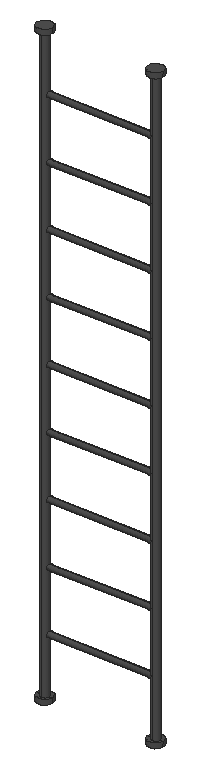
Revit family "Reece_Accessory_Milli_Mood Edit_Heated Towel Rail_Floor to Ceiling_550 mm", category Plumbing Fixtures, Revit 2018
Family settings
  Round Connector Dimension = Use Diameter
  Part Type = Normal
  Work Plane-Based = Yes
  Always vertical = Yes
  Cut with Voids When Loaded = Yes
  Shared = Yes
  Room Calculation Point = Yes
Parameters (values of type "Matte Black_Hardwired Floor Cable Entry")
  URL = "https://www.reece.com.au/product/-133907"
  Type Comments = "Accessory"
  Reece_Product_Web Page = "https://www.reece.com.au/product/-133907"
  Reece_Product_Type = "Accessory"  # constant formula
  Reece_Product_Sub Brand = "Mood Edit"  # constant formula
  Reece_Product_Number = "133907"
  Reece_Product_Mount = "Floor Mounted"
  Reece_Product_Description = "Milli Mood Edit Heated Towel Rail Floor to Ceiling (Hardwired Floor Cable Entry) 550mm Matte Black"
  Reece_Product_Brand = "Milli"  # constant formula
  Reece_Overall_Width = 550 mm  # constant formula
  Reece_Overall_Height = 3000 mm  # constant formula
  Reece_Material_Main = Reece_Brass_Matte Black
  Reece_Height_From_Level = 0 mm
  Reece_Floor_Cable_Entry = yes
  Reece_Detail_Shape = ""
  Reece_Detail_Installation = ""
  Reece_Detail_Disclaimer = "THIS FILE IS THE PROPERTY OF THE REECE GROUP. IT MAY NOT BE REPRODUCED, REVERSE-ENGINEERED OR MODIFIED. ANY REPUBLICATION, TRANSMISSION OR DISTRIBUTION FOR THE PURPOSE OF COMMERCIALLY EXPLOITING THE FILES IS PROHIBITED."  # constant formula
  Reece_Detail_Connector = "Electrical input required. Refer to the product web page for further details."  # constant formula
  Reece_Detail_Additional = "Floor to Ceiling\r\n"  # constant formula
  Reece_Ceiling_Cable_Entry = not(Reece_Floor_Cable_Entry)  # no
  Model = "Mood Edit"
  Manufacturer = "Milli"
  Keynote = "Product #133907, Reece_Accessory_Milli_Mood Edit_Heated Towel Rail_Floor to Ceiling_550 mm - Matte Black_Hardwired Floor Cable Entry"
  Disclaimer = "THIS FILE IS THE PROPERTY OF THE REECE GROUP. IT MAY NOT BE REPRODUCED, REVERSE-ENGINEERED OR MODIFIED. ANY REPUBLICATION, TRANSMISSION OR DISTRIBUTION FOR THE PURPOSE OF COMMERCIALLY EXPLOITING THE FILES IS PROHIBITED."  # constant formula
  Description = "Milli Mood Edit Heated Towel Rail Floor to Ceiling (Hardwired Floor Cable Entry) 550mm Black Matte"
  Default Elevation = 0 mm
Types (4, lengths in mm): name | URL | Reece_Product_Web Page | Reece_Product_Number | Reece_Product_Description | Reece_Material_Main | Reece_Floor_Cable_Entry | Reece_Ceiling_Cable_Entry | Keynote | Description
  Chrome_Hardwired Floor Cable Entry | "https://www.reece.com.au/product/-119548" | "https://www.reece.com.au/product/-119548" | "119548" | "Milli Mood Edit Heated Towel Rail Floor to Ceiling (Hardwired Floor Cable Entry) 550mm Chrome" | Reece_Brass_Chrome | yes | no | "Product #119548, Reece_Accessory_Milli_Mood Edit_Heated Towel Rail_Floor to Ceiling_550 mm - Chrome_Hardwired Floor Cable Entry" | "Milli Mood Edit Heated Towel Rail Floor to Ceiling (Hardwired Floor Cable Entry) 550mm Chrome"
  Matte Black_Hardwired Ceiling Cable Entry | "https://www.reece.com.au/product/-133906" | "https://www.reece.com.au/product/-133906" | "133906" | "Milli Mood Edit Heated Towel Rail Floor to Ceiling (Hardwired Ceiling Cable Entry) 550mm Matte Black" | Reece_Brass_Matte Black | no | yes | "Product #133906, Reece_Accessory_Milli_Mood Edit_Heated Towel Rail_Floor to Ceiling_550 mm - Matte Black_Hardwired Ceiling Cable Entry" | "Milli Mood Edit Heated Towel Rail Floor to Ceiling (Hardwired Ceiling Cable Entry) 550mm Black Matte"
  Chrome_Hardwired Ceiling Cable Entry | "https://www.reece.com.au/product/-119551" | "https://www.reece.com.au/product/-119551" | "119551" | "Milli Mood Edit Heated Towel Rail Floor to Ceiling (Hardwired Ceiling Cable Entry) 550mm Chrome" | Reece_Brass_Chrome | no | yes | "Product #119551, Reece_Accessory_Milli_Mood Edit_Heated Towel Rail_Floor to Ceiling_550 mm - Chrome_Hardwired Ceiling Cable Entry" | "Milli Mood Edit Heated Towel Rail Floor to Ceiling (Hardwired Ceiling Cable Entry) 550mm Chrome"
  Matte Black_Hardwired Floor Cable Entry | "https://www.reece.com.au/product/-133907" | "https://www.reece.com.au/product/-133907" | "133907" | "Milli Mood Edit Heated Towel Rail Floor to Ceiling (Hardwired Floor Cable Entry) 550mm Matte Black" | Reece_Brass_Matte Black | yes | no | "Product #133907, Reece_Accessory_Milli_Mood Edit_Heated Towel Rail_Floor to Ceiling_550 mm - Matte Black_Hardwired Floor Cable Entry" | "Milli Mood Edit Heated Towel Rail Floor to Ceiling (Hardwired Floor Cable Entry) 550mm Black Matte"
Reference planes
  plane 1 "Center (Front/Back)": y = 0
  plane 2 "Bottom Host Plane": z = 0
  plane 3 "Center (Left/Right)": x = 0
  plane 4: y = -37.5
  plane 5 "Height From Floor": z = 0
  plane 6: y = -56.5
  plane 7: y = -18.5
  plane 8: y = -75
  plane 9 "Midrail": y = -37.5
  plane 10: x = -275
  plane 11: x = 275
  plane 12 "Top": z = 3000
  plane 13: z = 1500
  plane 14: x = -312.5
  plane 15: x = -237.5
  plane 16: x = 312.5
  plane 17: x = 237.5
  plane 18: x = 294
  plane 19: x = 255.75
  plane 20: x = -294
  plane 21: x = -255.75
  plane 22: z = 2977.012
  plane 23: z = 22.988
  plane 24: z = 2400
  plane 25: z = 2100
  plane 26: z = 1800
  plane 27: z = 1200
  plane 28: z = 900
  plane 29: z = 600
  plane 30: z = 300
  plane 31: z = 2700
  plane 32: x = 275
Forms (mm)
  Sweep 1, solid, material "Reece_Brass_Matte Black" <- "Reece_Material_Main"
    path origin (0, -37.5, 2976.387) x (0, 0, -1) y (-1, 0, 0)
      loop
        line (-23.613, 275) -> (2976.387, 275)
    profile origin (-275, -37.5, 1500) x (0, -1, 0) y (1, 0, 0)
      loop
        circle (0, 0) r 19
  Sweep 2, solid, material "Reece_Brass_Matte Black" <- "Reece_Material_Main"
    path origin (0, -37.5, 2976.387) x (0, 0, -1) y (-1, 0, 0)
      loop
        line (-23.613, -275) -> (2976.387, -275)
    profile origin (275, -37.5, 1500) x (0, -1, 0) y (1, 0, 0)
      loop
        circle (0, 0) r 19
  Revolve 3, solid, material "Reece_Brass_Matte Black" <- "Reece_Material_Main"
    sketch origin (0, -37.5, 2976.387) x (0, 0, -1) y (-1, 0, 0)
      loop
        line (2953.4, -275) -> (2976.387, -275) -> (2976.387, -237.5) -> (2953.4, -237.5) -> (2953.4, -275)
      axis (2953.4, -275) -> (2976.387, -275)
    angle from 0 to 360
  Revolve 4, solid, material "Reece_Brass_Matte Black" <- "Reece_Material_Main"
    sketch origin (0, -37.5, 2976.387) x (0, 0, -1) y (-1, 0, 0)
      loop
        line (2953.4, 275) -> (2953.4, 237.5) -> (2976.387, 237.5) -> (2976.387, 275) -> (2953.4, 275)
      axis (2953.4, 275) -> (2976.387, 275)
    angle from 0 to 360
  Revolve 5, solid, material "Reece_Brass_Matte Black" <- "Reece_Material_Main"
    sketch origin (0, -37.5, 2976.387) x (0, 0, -1) y (-1, 0, 0)
      loop
        line (-0.625, -275) -> (-0.625, -237.5) -> (-23.613, -237.5) -> (-23.613, -275) -> (-0.625, -275)
      axis (-0.625, -275) -> (-23.613, -275)
    angle from 0 to 360
  Revolve 6, solid, material "Reece_Brass_Matte Black" <- "Reece_Material_Main"
    sketch origin (0, -37.5, 2976.387) x (0, 0, -1) y (-1, 0, 0)
      loop
        line (-0.625, 275) -> (-23.613, 275) -> (-23.613, 237.5) -> (-0.625, 237.5) -> (-0.625, 275)
      axis (-0.625, 275) -> (-23.613, 275)
    angle from 0 to 360
  Revolve 7, solid, material "Reece_Brass_Matte Black" <- "Reece_Material_Main"
    sketch origin (0, -37.5, 3276.887) x (0, 0, -1) y (-1, 0, 0)
      loop
        line (2676.887, 275) -> (2664.387, 275) -> (2664.387, -275) -> (2676.887, -275) -> (2676.887, 275)
      axis (2676.887, -275) -> (2676.887, 275)
    angle from 0 to 360
  Revolve 8, solid, material "Reece_Brass_Matte Black" <- "Reece_Material_Main"
    sketch origin (0, -37.5, 3576.887) x (0, 0, -1) y (-1, 0, 0)
      loop
        line (2676.887, 275) -> (2664.387, 275) -> (2664.387, -275) -> (2676.887, -275) -> (2676.887, 275)
      axis (2676.887, -275) -> (2676.887, 275)
    angle from 0 to 360
  Revolve 9, solid, material "Reece_Brass_Matte Black" <- "Reece_Material_Main"
    sketch origin (0, -37.5, 3876.887) x (0, 0, -1) y (-1, 0, 0)
      loop
        line (2676.887, 275) -> (2664.387, 275) -> (2664.387, -275) -> (2676.887, -275) -> (2676.887, 275)
      axis (2676.887, -275) -> (2676.887, 275)
    angle from 0 to 360
  Revolve 10, solid, material "Reece_Brass_Matte Black" <- "Reece_Material_Main"
    sketch origin (0, -37.5, 4176.887) x (0, 0, -1) y (-1, 0, 0)
      loop
        line (2676.887, 275) -> (2664.387, 275) -> (2664.387, -275) -> (2676.887, -275) -> (2676.887, 275)
      axis (2676.887, -275) -> (2676.887, 275)
    angle from 0 to 360
  Revolve 11, solid, material "Reece_Brass_Matte Black" <- "Reece_Material_Main"
    sketch origin (0, -37.5, 4476.887) x (0, 0, -1) y (-1, 0, 0)
      loop
        line (2676.887, 275) -> (2664.387, 275) -> (2664.387, -275) -> (2676.887, -275) -> (2676.887, 275)
      axis (2676.887, -275) -> (2676.887, 275)
    angle from 0 to 360
  Revolve 12, solid, material "Reece_Brass_Matte Black" <- "Reece_Material_Main"
    sketch origin (0, -37.5, 4776.887) x (0, 0, -1) y (-1, 0, 0)
      loop
        line (2676.887, 275) -> (2664.387, 275) -> (2664.387, -275) -> (2676.887, -275) -> (2676.887, 275)
      axis (2676.887, -275) -> (2676.887, 275)
    angle from 0 to 360
  Revolve 13, solid, material "Reece_Brass_Matte Black" <- "Reece_Material_Main"
    sketch origin (0, -37.5, 5076.887) x (0, 0, -1) y (-1, 0, 0)
      loop
        line (2676.887, 275) -> (2664.387, 275) -> (2664.387, -275) -> (2676.887, -275) -> (2676.887, 275)
      axis (2676.887, -275) -> (2676.887, 275)
    angle from 0 to 360
  Revolve 14, solid, material "Reece_Brass_Matte Black" <- "Reece_Material_Main"
    sketch origin (0, -37.5, 2976.887) x (0, 0, -1) y (-1, 0, 0)
      loop
        line (2676.887, 275) -> (2664.387, 275) -> (2664.387, -275) -> (2676.887, -275) -> (2676.887, 275)
      axis (2676.887, -275) -> (2676.887, 275)
    angle from 0 to 360
  Revolve 15, solid, material "Reece_Brass_Matte Black" <- "Reece_Material_Main"
    sketch origin (0, -37.5, 5376.887) x (0, 0, -1) y (-1, 0, 0)
      loop
        line (2676.887, 275) -> (2664.387, 275) -> (2664.387, -275) -> (2676.887, -275) -> (2676.887, 275)
      axis (2676.887, -275) -> (2676.887, 275)
    angle from 0 to 360
Cuts and joins
  joined: Sweep 1, Sweep 2, Revolve 3, Revolve 4, Revolve 5, Revolve 6, Revolve 7, Revolve 8, Revolve 9, Revolve 10, Revolve 11, Revolve 12, Revolve 13, Revolve 14, Revolve 15
Text (mm)
  text "Reece ©" at (2131.301, -1342.351, 4543.16), in view "Reece Preview"
  text "Reece Copyright © 2018, Reece Ltd." at (-601.762, -288.88, 0), in view "Ref. Level"
Dimensions and locks
  plane 14 to plane 16 = 625 mm
  plane 10 to plane 11 = 550 mm
  plane 8 to plane 1 "Center (Front/Back)" = 75 mm  (x2)
  plane 6 to plane 7 = 38 mm  (x2)
  "Reece_Overall_Width": plane 11 to plane 10
  "Reece_Overall_Height": plane 5 "Height From Floor" to plane 12 "Top"
  plane 22 to plane 12 "Top" = 22.988 mm  (x2)
  plane 5 "Height From Floor" to plane 23 = 22.988 mm  (x3)
  plane 23 to plane 5 "Height From Floor" = 22.988 mm
  locked: plane 12 "Top" to plane 22 at 22.988
  equal spacing: plane 12 "Top", plane 13, plane 5 "Height From Floor"
  plane 20 to plane 21 = 38.25 mm  (x2)
  plane 15 to plane 14 = 75 mm  (x2)
  plane 18 to plane 19 = 38.25 mm  (x2)
  plane 17 to plane 16 = 75 mm  (x2)
  plane 1 "Center (Front/Back)" to plane 8 = 75 mm
  plane 7 to plane 6 = 38 mm
  plane 5 "Height From Floor" to plane 13 to plane 12 "Top" = 1500 mm, 1500 mm  (x2)
  plane 5 "Height From Floor" to plane 12 "Top" = 3000 mm  (x2)
  plane 12 "Top" to plane 22 = 22.988 mm
  level to plane 5 "Height From Floor" = 0 mm
  plane 31 to plane 24 to plane 25 to plane 26 to plane 13 to plane 27 to plane 28 to plane 29 to plane 30 = 300 mm, 300 mm, 300 mm, 300 mm, 300 mm, 300 mm, 300 mm, 300 mm
  aligned and locked: plane 23 to cut or joined group 1 (Sweep 1, Sweep 2, Revolve 3, Revolve 4, Revolve 5, Revolve 6, Revolve 7, Revolve 8, Revolve 9, Revolve 10, Revolve 11, Revolve 12, Revolve 13, Revolve 14, Revolve 15)
  aligned and locked: cut or joined group 1 to plane 23
  aligned and locked: plane 12 "Top" to cut or joined group 1  (x2)
  aligned and locked: plane 22 to cut or joined group 1
  aligned and locked: cut or joined group 1 to plane 22
Automatic sketch dimensions
  Sweep 1 sketch curve to plane 10 = 0 mm
  Sweep 1 sketch curve to plane 12 "Top" = 0 mm
  Sweep 1 sketch curve to level = 0 mm
  plane 9 "Midrail" to Sweep 1 sketch curve = 0 mm
  Sweep 1 sketch curve to profile plane = 0 mm
  Sweep 2 sketch curve to plane 11 = 0 mm
  Sweep 2 sketch curve to plane 12 "Top" = 0 mm
  Sweep 2 sketch curve to level = 0 mm
  plane 9 "Midrail" to Sweep 2 sketch curve = 0 mm
  Sweep 2 sketch curve to profile plane = 0 mm
  plane 11 to Revolve 3 sketch curve = 0 mm  (x2)
  plane 17 to Revolve 3 sketch curve = 0 mm
  Revolve 3 sketch curve to plane 23 = 0 mm
  Revolve 3 sketch curve to level = 0 mm
  plane 23 to Revolve 3 sketch curve = 25 mm
  Revolve 3 sketch curve to Revolve 3 sketch curve = 3.484 mm
  Revolve 4 sketch curve to plane 10 = 0 mm  (x2)
  Revolve 4 sketch curve to plane 15 = 0 mm
  Revolve 4 sketch curve to plane 23 = 0 mm
  Revolve 4 sketch curve to level = 0 mm
  plane 23 to Revolve 4 sketch curve = 25 mm
  Revolve 4 sketch curve to Revolve 4 sketch curve = 3.484 mm
  Revolve 5 sketch curve to plane 11 = 0 mm  (x2)
  Revolve 5 sketch curve to plane 12 "Top" = 0 mm
  Revolve 5 sketch curve to plane 22 = 0 mm
  plane 17 to Revolve 5 sketch curve = 0 mm
  Revolve 5 sketch curve to Revolve 5 sketch curve = 3.484 mm
  plane 22 to Revolve 5 sketch curve = 25 mm
  Revolve 6 sketch curve to plane 10 = 0 mm  (x2)
  Revolve 6 sketch curve to plane 12 "Top" = 0 mm
  Revolve 6 sketch curve to plane 22 = 0 mm
  Revolve 6 sketch curve to plane 15 = 0 mm
  Revolve 6 sketch curve to Revolve 6 sketch curve = 3.484 mm
  plane 22 to Revolve 6 sketch curve = 25 mm
  Revolve 7 sketch curve to plane 11 = 0 mm
  Revolve 7 sketch curve to plane 10 = 0 mm
  Revolve 7 sketch curve to plane 29 = 0 mm  (x2)
  Revolve 7 sketch curve to plane 29 = 12.5 mm
  plane 16 to Revolve 7 sketch curve = 588.191 mm
  plane 14 to Revolve 7 sketch curve = 86.809 mm
  Revolve 8 sketch curve to plane 11 = 0 mm
  Revolve 8 sketch curve to plane 10 = 0 mm
  Revolve 8 sketch curve to plane 28 = 0 mm  (x2)
  Revolve 8 sketch curve to plane 28 = 12.5 mm
  plane 16 to Revolve 8 sketch curve = 588.191 mm
  plane 14 to Revolve 8 sketch curve = 86.809 mm
  Revolve 9 sketch curve to plane 11 = 0 mm
  Revolve 9 sketch curve to plane 10 = 0 mm
  Revolve 9 sketch curve to plane 27 = 0 mm  (x2)
  Revolve 9 sketch curve to plane 27 = 12.5 mm
  plane 16 to Revolve 9 sketch curve = 588.191 mm
  plane 14 to Revolve 9 sketch curve = 86.809 mm
  Revolve 10 sketch curve to plane 11 = 0 mm
  Revolve 10 sketch curve to plane 10 = 0 mm
  Revolve 10 sketch curve to plane 13 = 0 mm  (x2)
  plane 13 to Revolve 10 sketch curve = 12.5 mm
  plane 16 to Revolve 10 sketch curve = 588.191 mm
  plane 14 to Revolve 10 sketch curve = 86.809 mm
  Revolve 11 sketch curve to plane 11 = 0 mm
  Revolve 11 sketch curve to plane 10 = 0 mm
  Revolve 11 sketch curve to plane 26 = 0 mm  (x2)
  Revolve 11 sketch curve to plane 26 = 12.5 mm
  plane 16 to Revolve 11 sketch curve = 588.191 mm
  plane 14 to Revolve 11 sketch curve = 86.809 mm
  Revolve 12 sketch curve to plane 11 = 0 mm
  Revolve 12 sketch curve to plane 10 = 0 mm
  Revolve 12 sketch curve to plane 25 = 0 mm  (x2)
  Revolve 12 sketch curve to plane 25 = 12.5 mm
  plane 16 to Revolve 12 sketch curve = 588.191 mm
  plane 14 to Revolve 12 sketch curve = 86.809 mm
  Revolve 13 sketch curve to plane 11 = 0 mm
  Revolve 13 sketch curve to plane 10 = 0 mm
  Revolve 13 sketch curve to plane 24 = 0 mm  (x2)
  Revolve 13 sketch curve to plane 24 = 12.5 mm
  plane 16 to Revolve 13 sketch curve = 588.191 mm
  plane 14 to Revolve 13 sketch curve = 86.809 mm
  plane 11 to Revolve 14 sketch curve = 0 mm
  Revolve 14 sketch curve to plane 10 = 0 mm
  Revolve 14 sketch curve to plane 30 = 0 mm  (x2)
  Revolve 14 sketch curve to plane 30 = 12.5 mm
  plane 16 to Revolve 14 sketch curve = 588.191 mm
  plane 14 to Revolve 14 sketch curve = 86.809 mm
  Revolve 15 sketch curve to plane 11 = 0 mm
  Revolve 15 sketch curve to plane 10 = 0 mm
  Revolve 15 sketch curve to plane 31 = 0 mm  (x2)
  Revolve 15 sketch curve to plane 31 = 12.5 mm
  plane 16 to Revolve 15 sketch curve = 588.191 mm
  plane 14 to Revolve 15 sketch curve = 86.809 mm
  radius of Sweep 1 sketch curve = 19 mm
  radius of Sweep 2 sketch curve = 19 mm
Nested families
  nested 1: "Reece_Accessories_Attachment_Point_Circle_Electrical" at (-275, -37.5, 0) x (1, 0, 0) z (0, 0, -1), visible <- "Reece_Floor_Cable_Entry", type "Reece_Accessories_Attachment_Point_Circle_Electrical"
  nested 2: "Reece_Accessories_Attachment_Point_Circle_Electrical" at (275, -37.5, 0) x (-1, 0, 0) z (0, 0, -1), visible <- "Reece_Floor_Cable_Entry", type "Reece_Accessories_Attachment_Point_Circle_Electrical"
  nested 3: "Reece_Accessories_Attachment_Point_Circle_Electrical" at (-275, -37.5, 3000) x (1, 0, 0) z (0, 0, -1), visible <- "Reece_Ceiling_Cable_Entry", type "Reece_Accessories_Attachment_Point_Circle_Electrical"
  nested 4: "Reece_Accessories_Attachment_Point_Circle_Electrical" at (275, -37.5, 3000) x (1, 0, 0) z (0, 0, -1), visible <- "Reece_Ceiling_Cable_Entry", type "Reece_Accessories_Attachment_Point_Circle_Electrical"
Definition of nested family "Reece_Accessories_Attachment_Point_Circle_Electrical"
  Parameters (values of type "Reece_Accessories_Attachment_Point_Circle_Electrical")
    Default Elevation = 0 mm
  Reference planes
    plane 1 "Center (Front/Back)": y = 0
    plane 2: z = 0
    plane 3 "Center (Left/Right)": x = 0
  Lines and regions (mm)
    model lines
      curve 1: circle (0, 0, 0) r 22.5 normal (0, 0, 1)
  Dimensions and locks
    aligned and locked: level to plane 2
